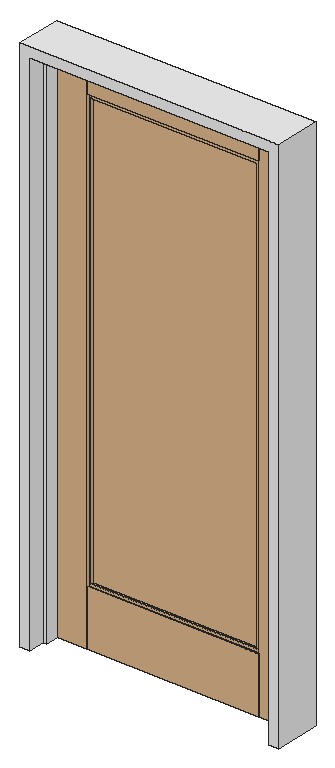
Revit family
Parameters (values of type "1 3/4" Flat Panel")
  URL = "http://www.karonadoor.com"
  Thickness Note = "Do not edit thickness."  # constant formula
  Thickness = 1.774"
  Swing Angle 2D = 90.00°
  SmartBIM Object Version = 1  # constant formula
  SmartBIM Object Created By = "Reed Construction Data"  # constant formula
  Rough Width = 0.000"
  Rough Height = 1.750"
  Panel = Panel_K6000_Karona : 1 3/4" - Flat Panel
  Model = "K6000 Mission"  # constant formula
  Manufacturer = "Karona , Inc."  # constant formula
  Detail Door Thickness = 1.750"
  Assembly Code = ""
  Top Rail Height = 5.000"
  Top Rail = Wood, Cherry - Grain Horizontal
  Stile Width = 5.063"
  Stile = Wood, Cherry - Grain Vertical
  Sticking = Wood, Cherry - Grain Vertical
  Middle Rail = Wood, Cherry - Grain Horizontal
  Height = 80.000"
  Wall Closure = (empty or 0)
  Width = 36.000"
  Frame = Metal
  Bottom Rail Height = 8.500"
  Bottom Rail = Wood, Cherry - Grain Horizontal
  95 CSI = "08210"  # constant formula
  04 CSI = "08 14 33"  # constant formula
Types (9): name | Thickness | Rough Height | Panel | Detail Door Thickness
  1 3/4" Flat Panel | 1.774" | 1.750" | Panel_K6000_Karona : 1 3/4" - Flat Panel | 1.750"
  1 3/8" Flat Panel | 1.334" | 0.000" | Panel_K6000_Karona : 1 3/8" - Flat Panel | 1.375"
  2 1/4" Flat Panel | 2.250" | 0.000" | Panel_K6000_Karona : 2 1/4" - Flat Panel | 2.250"
  1 3/4" Glass Panel | 1.774" | 1.750" | Panel_K6000_Karona : 1 3/4" - Glass Panel | 1.750"
  1 3/8" Glass Panel | 1.334" | 0.000" | Panel_K6000_Karona : 1 3/8" - Glass Panel | 1.375"
  2 1/4" Glass Panel | 2.250" | 0.000" | Panel_K6000_Karona : 2 1/4" - Glass | 2.250"
  1 3/4" Raised Panel | 1.774" | 1.750" | Panel_K6000_Karona : 1 3/4" - Raised Panel | 1.750"
  1 3/8" Raised Panel | 1.334" | 0.000" | Panel_K6000_Karona : 1 3/8" - Raised Panel | 1.375"
  2 1/4" Raised Panel | 2.250" | 0.000" | Panel_K6000_Karona : 2 1/4" - Raised Panel | 2.250"
Reference planes (in)
  plane 1 "Center (Front/Back)": y = 0
  plane 2 "Center (Left/Right)": x = 0
  plane 3 "Left": x = -18
  plane 4 "Right": x = 18
  plane 5 "Top": z = 80
  plane 6 "Exterior Edge of Frame": y = 3.5
  plane 7 "Interior Edge of Frame": y = -3.5
  plane 8: y = 1
  plane 9: y = -1
  plane 10 "Opening Left": x = -19.5
  plane 11 "Opening Right": x = 19.5
  plane 12 "Top of Opening": z = 81.5
  plane 13: x = -17.5
Forms (in)
  Sweep 1, solid, material "Metal" <- "Frame"
    path origin (0, 0, 0) x (1, 0, 0) y (0, 0, 1)
      loop
        line (-19.5, 0) -> (-19.5, 81.5) -> (19.5, 81.5) -> (19.5, 0)
    profile origin (-19.5, 0, 40.75) x (-1, 0, 0) y (0, -1, 0)
      loop
        line (0, -3.5) -> (0, 3.5) -> (-1.5, 3.5) -> (-1.5, 1) -> (-2, 1) -> (-2, -1) -> (-1.5, -1) -> (-1.5, -3.5) -> (0, -3.5)
Lines and regions (in)
  Opening 1
    outline origin (-90, -3, 0) x (1, 0, 0) y (0, 0, 1)
      loop
        line (70.5, 0) -> (109.5, 0) -> (109.5, 81.5) -> (70.5, 81.5) -> (70.5, 0)
  symbolic lines, style "Elevation Swing"
    curve 1: line (18, 3, 0) -> (-18, 3, 40)
    curve 2: line (-18, 3, 40) -> (18, 3, 80)
Text (in)
  text "Exterior" at (-46.13199, 20.20143, 0), in view "Ref. Level"
  text "Interior" at (-46.13199, -10.56751, 0), in view "Ref. Level"
  text "Exterior" at (0, 40.15149, 123.01588), in view "Right"
  text "Interior" at (0, -64.39139, 123.01588), in view "Right"
  text "Interior" at (0, -31.01599, 123.00693), in view "Left"
  text "Exterior" at (0, 54.57065, 123.00693), in view "Left"
Dimensions and locks (in)
  "Height": level to plane 5 "Top"
  "Width": plane 3 "Left" to plane 4 "Right"
  equal spacing: host wall, curve 2, plane 5 "Top"
  locked: host wall to plane 7 "Interior Edge of Frame" at 0.5
  locked: plane 6 "Exterior Edge of Frame" to host wall at 0.5
  locked: plane 9 to plane 7 "Interior Edge of Frame" at 2.5
  locked: plane 6 "Exterior Edge of Frame" to plane 8 at 2.5
  equal spacing: plane 3 "Left", plane 2 "Center (Left/Right)", plane 4 "Right"
  locked: plane 4 "Right" to plane 11 "Opening Right" at 1.5
  locked: plane 5 "Top" to plane 12 "Top of Opening" at 1.5
  locked: plane 3 "Left" to plane 13 at 0.5
  locked: plane 10 "Opening Left" to plane 3 "Left" at 1.5
  aligned and locked: Opening 1 sketch curve to level
  aligned and locked: plane 4 "Right" to curve 1
  aligned and locked: plane 3 "Left" to curve 1
  aligned and locked: plane 5 "Top" to curve 2
  aligned and locked: Opening 1 sketch curve to plane 11 "Opening Right"
  aligned and locked: plane 12 "Top of Opening" to Opening 1 sketch curve
  aligned and locked: Opening 1 sketch curve to plane 10 "Opening Left"
  aligned and locked: plane 10 "Opening Left" to Sweep 1 sketch curve
  aligned and locked: plane 12 "Top of Opening" to Sweep 1 sketch curve
  aligned and locked: plane 11 "Opening Right" to Sweep 1 sketch curve
  aligned and locked: level to Sweep 1 sketch curve  (x2)
  aligned and locked: Sweep 1 sketch curve to plane 10 "Opening Left"
  aligned and locked: Sweep 1 sketch curve to plane 6 "Exterior Edge of Frame"
  aligned and locked: Sweep 1 sketch curve to plane 7 "Interior Edge of Frame"
  aligned and locked: Sweep 1 sketch curve to plane 8
  aligned and locked: Sweep 1 sketch curve to plane 9
  aligned and locked: plane 13 to Sweep 1 sketch curve
  aligned and locked: plane 3 "Left" to Sweep 1 sketch curve  (x2)
  aligned and locked: nested 1 to plane 2 "Center (Left/Right)"
  aligned and locked: nested 1 to plane 8
  aligned and locked: nested 2 to plane 3 "Left"
  aligned and locked: nested 2 to plane 8
Automatic sketch dimensions
  curve 1 to level = 0.000"
  curve 2 to plane 4 "Right" = 0.000"
Nested families (in)
  nested 1: "Panel_K6000_Karona" at (-13.5, 0.6575, 0) x (-1, 0, 0) z (0, 0, 1), type <- "Panel", type "1 3/4" - Flat Panel"
  nested 2: "Door Panel Plan View" at (-31.5, 1, 0) x (-1, 0, 0) z (0, 0, 1), type "Door Panel Plan View"
    with Thickness 1.750", Height 80.000"
Definition of nested family "Panel_K6000_Karona"
  Parameters (values of type "1 3/4" - Glass Panel")
    Width = 36.000"
    Top Rail Material = Wood, Cherry - Grain Horizontal
    Top Rail Height = 5.000"
    Thickness Note = "Do not change door thickness"  # constant formula
    Thickness = 1.774"
    Stile Width = 5.063"
    Stile Material = Wood, Cherry - Grain Vertical
    Sticking Material = Wood, Cherry - Grain Vertical
    Panel Width = Width - (2 * Stile Width)  # 25.874"
    Panel Height = Height - (Bottom Rail Height + Top Rail Height)  # 66.500"
    Panel = Glass-Sticking-Assembly-Mission_Karona : Glass Panel
    Interior Panel = Glass
    Height = 80.000"
    Exterior Edge - Glass Bottom Offset = if(Thickness = 1.774", 0.567", if(Thickness = 2.250", 0.803", 0.469"))  # 0.567"
    Door Panel Material = Wood, Cherry - Grain Vertical
    Default Elevation = 0.000"  # constant formula
    Bottom Rail Material = Wood, Cherry - Grain Horizontal
    Bottom Rail Height = 8.500"
    Assembly Code = ""
  Types (9): name | Thickness | Panel | Interior Panel | Exterior Edge - Glass Bottom Offset
    2 1/4" - Flat Panel | 2.250" | Glass-Sticking-Assembly-Mission_Karona : Flat Panel | Wood, Cherry - Grain Vertical | 0.803"
    2 1/4" - Glass | 2.250" | Glass-Sticking-Assembly-Mission_Karona : Glass Panel | Glass | 0.803"
    2 1/4" - Raised Panel | 2.250" | Glass-Sticking-Assembly-Mission_Karona : Raised Panel | Wood, Cherry - Grain Vertical | 0.803"
    1 3/4" - Raised Panel | 1.774" | Glass-Sticking-Assembly-Mission_Karona : Raised Panel | Wood, Cherry - Grain Vertical | 0.567"
    1 3/4" - Flat Panel | 1.774" | Glass-Sticking-Assembly-Mission_Karona : Flat Panel | Wood, Cherry - Grain Vertical | 0.567"
    1 3/4" - Glass Panel | 1.774" | Glass-Sticking-Assembly-Mission_Karona : Glass Panel | Glass | 0.567"
    1 3/8" - Raised Panel | 1.334" | Glass-Sticking-Assembly-Mission_Karona : Raised Panel | Wood, Cherry - Grain Vertical | 0.469"
    1 3/8" - Glass Panel | 1.334" | Glass-Sticking-Assembly-Mission_Karona : Glass Panel | Glass | 0.469"
    1 3/8" - Flat Panel | 1.334" | Glass-Sticking-Assembly-Mission_Karona : Flat Panel | Wood, Cherry - Grain Horizontal | 0.469"
  Reference planes (in)
    plane 1 "Center (Front/Back)": y = 1.2295
    plane 2: z = 0
    plane 3 "Center (Left/Right)": x = -13.5
    plane 4 "Left": x = -31.5
    plane 5: x = 4.5
    plane 6 "Inner Left": x = -26.437
    plane 7: x = -15.40625
    plane 8 "Inner Right": x = -0.563
    plane 9: x = -11.59375
    plane 10: z = 8.5
    plane 11 "Bottom Of Top Rail": z = 75
    plane 12 "Top": z = 80
    plane 13 "Interior Edge of Door": y = 2.1165
    plane 14: z = 75
    plane 15 "Exterior Edge of Door": y = 0.3425
    plane 16 "Bottom of Glass": y = 0.9095
  Forms (in)
    Extrusion 1, solid, material "Wood, Cherry - Grain Horizontal" <- "Bottom Rail Material"
      sketch origin (0, -101.3125, 0) x (1, 0, 0) y (0, 0, 1)
        loop
          line (-26.437, 0) -> (-0.563, 0) -> (-0.563, 8.5) -> (-26.437, 8.5) -> (-26.437, 0)
      from -103.429 to -101.655
    Extrusion 2, solid, material "Wood, Cherry - Grain Vertical" <- "Stile Material"
      sketch origin (0, 1.2295, 0) x (1, 0, 0) y (0, 0, 1)
        loop
          line (-31.5, 80) -> (-31.5, 0) -> (-26.437, 0) -> (-26.437, 80) -> (-31.5, 80)
        loop
          line (-0.563, 0) -> (4.5, 0) -> (4.5, 80) -> (-0.563, 80) -> (-0.563, 0)
      from -0.887 to 0.887
    Extrusion 3, solid, material "Wood, Cherry - Grain Horizontal" <- "Top Rail Material"
      sketch origin (0, 1.2295, 0) x (1, 0, 0) y (0, 0, 1)
        loop
          line (-26.437, 80) -> (-26.437, 75) -> (-0.563, 75) -> (-0.563, 80) -> (-26.437, 80)
      from -0.887 to 0.887
  Text (in)
    text "EXTERIOR" at (-34.59289, -1.27941, 0), in view "Ref. Level"
    text "EXTERIOR" at (0, -9.65287, 72.76687), in view "Left"
    text "EXTERIOR" at (0, -33.33473, 96.68074), in view "Right"
  Dimensions and locks (in)
    equal spacing: plane 4 "Left", plane 3 "Center (Left/Right)", plane 5
    "Width": plane 4 "Left" to plane 5
    "Stile Width": plane 4 "Left" to plane 6 "Inner Left"
    "Stile Width": plane 5 to plane 8 "Inner Right"
    locked: plane 9 to plane 7 at 3.8125
    equal spacing: plane 9, plane 3 "Center (Left/Right)", plane 7
    "Bottom Rail Height": plane 10 to plane 2
    "Top Rail Height": plane 12 "Top" to plane 11 "Bottom Of Top Rail"
    "Height": plane 12 "Top" to plane 2
    equal spacing: plane 13 "Interior Edge of Door", plane 1 "Center (Front/Back)", plane 15 "Exterior Edge of Door"
    "Thickness": plane 13 "Interior Edge of Door" to plane 15 "Exterior Edge of Door"
    "Exterior Edge - Glass Bottom Offset": plane 16 "Bottom of Glass" to plane 15 "Exterior Edge of Door"
    "Exterior Edge - Glass Bottom Offset": plane 15 "Exterior Edge of Door" to plane 16 "Bottom of Glass"
    aligned and locked: Extrusion 1 to plane 2
    aligned and locked: plane 13 "Interior Edge of Door" to Extrusion 1
    aligned and locked: plane 4 "Left" to Extrusion 2 sketch curve
    aligned and locked: Extrusion 2 sketch curve to plane 12 "Top"
    aligned and locked: Extrusion 2 sketch curve to Extrusion 1  (x3)
    aligned and locked: Extrusion 1 to Extrusion 2 sketch curve
    aligned and locked: plane 12 "Top" to Extrusion 2 sketch curve
    aligned and locked: plane 5 to Extrusion 2 sketch curve
    aligned and locked: plane 13 "Interior Edge of Door" to Extrusion 2
    aligned and locked: Extrusion 2 to Extrusion 3 sketch curve
    aligned and locked: Extrusion 3 sketch curve to Extrusion 2
    aligned and locked: plane 13 "Interior Edge of Door" to Extrusion 3
    aligned and locked: plane 14 to plane 11 "Bottom Of Top Rail"
    aligned and locked: level to plane 2
    aligned and locked: Extrusion 3 to plane 15 "Exterior Edge of Door"
    aligned and locked: Extrusion 3 to plane 13 "Interior Edge of Door"
    aligned and locked: Extrusion 2 to plane 15 "Exterior Edge of Door"
    aligned and locked: Extrusion 3 to plane 14
    aligned and locked: Extrusion 1 to Extrusion 2
    aligned and locked: nested 1 to plane 6 "Inner Left"
    aligned and locked: plane 3 "Center (Left/Right)" to nested 1
    aligned and locked: nested 1 to plane 10
    aligned and locked: nested 1 to plane 1 "Center (Front/Back)"
  Automatic sketch dimensions
    Extrusion 1 sketch curve to plane 6 "Inner Left" = 0.000"
    Extrusion 1 sketch curve to plane 8 "Inner Right" = 0.000"
    Extrusion 1 sketch curve to level = 0.000"
    Extrusion 1 sketch curve to plane 10 = 0.000"
    Extrusion 3 sketch curve to plane 8 "Inner Right" = 0.000"
    plane 11 "Bottom Of Top Rail" to Extrusion 3 sketch curve = 0.000"
  Nested families (in)
    nested 1: "Glass-Sticking-Assembly-Mission_Karona" at (-13.96875, 1.38, 8.5), Width <- "Panel Width", Height <- "Panel Height", type <- "Panel", type "Glass Panel"
      with Width 25.874", Height 66.500", Door Thickness 1.774", C 0.200", B 0.567", A 0.197"
  Definition of nested family "Glass-Sticking-Assembly-Mission_Karona"
    Parameters (values of type "Raised Panel")
      Width [instance] = 4.000"
      Stop Adjustment = if(and(not(Glass Panel), Door Thickness = 1.774"), 0.513", if(and(not(Glass Panel), Door Thickness = 2.250"), 0.513", if((Glass Panel), 0.125", 0.273")))  # 0.513"
      Profile = Wood, Cherry - Grain Vertical
      Height [instance] = 23.000"
      Raised Panel = yes
      Interior Panel = Wood, Cherry - Grain Vertical
      Glass Panel = no
      Door Thickness = 2.250"
      C = if(Door Thickness = 1.774", 0.200", if(Door Thickness = 2.250", 0.439", 0.191"))  # 0.439"
      B = if(Door Thickness = 1.774", 0.567", if(Door Thickness = 2.250", 0.803", 0.469"))  # 0.803"
      Assembly Code = ""
      A = if(Door Thickness = 1.774", 0.197", if(Door Thickness = 2.250", 0.433", 0.194"))  # 0.433"
    Types (3): name | Width | Stop Adjustment | Raised Panel | Glass Panel | Door Thickness | C | B | A
      Glass Panel | 19.000" | 0.125" | no | yes | 2.250" | 0.439" | 0.803" | 0.433"
      Flat Panel | 4.500" | 0.273" | no | no | 1.334" | 0.191" | 0.469" | 0.194"
      Raised Panel | 4.000" | 0.513" | yes | no | 2.250" | 0.439" | 0.803" | 0.433"
    Reference planes (in)
      plane 1 "Stop Adjustment Edge": y = -0.3455
      plane 2: z = 0
      plane 3 "Center (Left/Right)": x = 0.46875
      plane 4 "Back": y = 0.9765
      plane 5 "Front": y = -1.2735
      plane 6 "Left": x = -1.53125
      plane 7 "Right": x = 2.46875
      plane 8 "Top": z = 23
      plane 9 "Center (Up/Down)": z = 11.5
      plane 10 "Bottom of Stop": y = 0.1675
      plane 11 "Bottom of Glass": y = -0.4705
      plane 12 "Right Edge of Glass": x = 2.41875
      plane 13 "Left Edge of Glass": x = -1.48125
      plane 14 "Top Edge of Glass": z = 22.90625
      plane 15 "Bottom Edge of Glass": z = 0.09375
      plane 16: x = 2.34375
      plane 17: x = 9.40625
      plane 18 "A": y = -0.8405
      plane 19 "C": y = 0.5375
      plane 20: z = 0.438
      plane 21: z = 22.562
      plane 22: x = -1.09325
      plane 23: x = 2.03075
      plane 24 "Center (Front/Back)": y = -0.1485
    Forms (in)
      Sweep 1, solid, material "Wood, Cherry - Grain Vertical" <- "Profile"
        path origin (0, -0.3455, 0) x (1, 0, 0) y (0, 0, 1)
          loop
            line (2.46875, 23) -> (-1.53125, 23) -> (-1.53125, 0) -> (2.46875, 0) -> (2.46875, 23)
        profile origin (2.46875, -0.3455, 11.5) x (0, -1, 0) y (1, 0, 0)
          loop
            line (-0.883, 0) -> (-0.883, -0.438) -> (-0.513, -0.438) -> (-0.513, -0.05) -> (0.125, -0.05) -> (0.125, -0.438) -> (0.495, -0.438) -> (0.495, 0) -> (-0.883, 0)
      Extrusion 2, solid, material "Wood, Cherry - Grain Vertical" <- "Interior Panel"
        sketch origin (0, 0, 0) x (1, 0, 0) y (0, 1, 0)
          loop
            line (-1.48125, 0.1675) -> (-1.48125, -0.4705) -> (2.41875, -0.4705) -> (2.41875, 0.1675) -> (-1.48125, 0.1675)
        from 0.09375 to 22.90625
      Extrusion 3, solid, material "Wood, Cherry - Grain Vertical" <- "Profile", visible <- "Raised Panel"
        sketch origin (0, 0, 0) x (1, 0, 0) y (0, 1, 0)
          loop
            line (2.03075, 0.5375) -> (-1.09325, 0.5375) -> (-1.09325, 0.1675) -> (2.03075, 0.1675) -> (2.03075, 0.5375)
          loop
            line (-1.09325, -0.4705) -> (-1.09325, -0.8405) -> (2.03075, -0.8405) -> (2.03075, -0.4705) -> (-1.09325, -0.4705)
        from 0.438 to 22.562
      Sweep 4, void
        path origin (0, 0.1675, 0) x (-1, 0, 0) y (0, 0, 1)
          loop
            line (1.53125, 0) -> (1.53125, 23) -> (-2.46875, 23) -> (-2.46875, 0) -> (1.53125, 0)
        profile "Profile : 05" origin (-1.53125, 0.1675, 11.5) x (1, 0, 0) y (0, 1, 0)
          loop
            line (0, 0.05) -> (0.36169, 0.05096)
            arc (0.36169, 0.05096) -> (1.01257, 0.13642) -> (1.61934, 0.387) r 2.52143
            line (1.61934, 0.387) -> (0, 0.387) -> (0, 0.05)
      Sweep 5, void
        path origin (0, -0.4705, 0) x (-1, 0, 0) y (0, 0, 1)
          loop
            line (-2.46875, 23) -> (-2.46875, 0) -> (1.53125, 0) -> (1.53125, 23) -> (-2.46875, 23)
        profile "Profile : 05" origin (2.46875, -0.4705, 11.5) x (-1, 0, 0) y (0, 1, 0)
          loop
            line (0, -0.05) -> (0, -0.387) -> (1.61934, -0.387)
            arc (1.61934, -0.387) -> (1.01257, -0.13642) -> (0.36169, -0.05096) r 2.52143
            line (0.36169, -0.05096) -> (0, -0.05)
    Cuts and joins
      Sweep 4, Sweep 5 cuts Extrusion 3
    Text (in)
      text "INTERIOR" at (-14.3788, 3.49864, 0), in view "Ref. Level"
    Dimensions and locks (in)
      equal spacing: plane 6 "Left", plane 3 "Center (Left/Right)", plane 7 "Right"
      "Width": plane 6 "Left" to plane 7 "Right"
      "Door Thickness": plane 4 "Back" to plane 5 "Front"
      "Height": plane 8 "Top" to plane 2
      equal spacing: plane 8 "Top", plane 9 "Center (Up/Down)", level
      locked: plane 1 "Stop Adjustment Edge" to plane 11 "Bottom of Glass" at 0.125
      "Stop Adjustment": plane 10 "Bottom of Stop" to plane 1 "Stop Adjustment Edge"
      locked: plane 12 "Right Edge of Glass" to plane 7 "Right" at 0.05
      locked: plane 8 "Top" to plane 14 "Top Edge of Glass" at 0.09375
      locked: plane 15 "Bottom Edge of Glass" to level at 0.09375
      locked: plane 6 "Left" to plane 13 "Left Edge of Glass" at 0.05
      "B": plane 5 "Front" to plane 11 "Bottom of Glass"
      locked: plane 16 to plane 7 "Right" at 0.125
      "A": plane 5 "Front" to plane 18 "A"
      "C": plane 19 "C" to plane 4 "Back"
      plane 4 "Back" to Sweep 1 = 0.809"
      locked: plane 20 to level at 0.438
      locked: plane 8 "Top" to plane 21 at 0.438
      locked: plane 6 "Left" to plane 22 at 0.438
      locked: plane 23 to plane 7 "Right" at 0.438
      equal spacing: plane 4 "Back", plane 24 "Center (Front/Back)", plane 5 "Front"
      aligned and locked: Sweep 1 sketch curve to plane 7 "Right"
      aligned and locked: Sweep 1 sketch curve to plane 8 "Top"
      aligned and locked: Sweep 1 sketch curve to plane 6 "Left"
      aligned and locked: Sweep 1 sketch curve to level
      aligned and locked: plane 7 "Right" to Sweep 1 sketch curve
      aligned and locked: plane 10 "Bottom of Stop" to Sweep 1 sketch curve
      aligned and locked: plane 11 "Bottom of Glass" to Sweep 1 sketch curve
      aligned and locked: plane 18 "A" to Sweep 1 sketch curve
      aligned and locked: Sweep 1 sketch curve to plane 19 "C"
      aligned and locked: Extrusion 2 sketch curve to plane 13 "Left Edge of Glass"
      aligned and locked: Extrusion 2 sketch curve to plane 10 "Bottom of Stop"
      aligned and locked: Extrusion 2 sketch curve to plane 11 "Bottom of Glass"
      aligned and locked: Extrusion 2 sketch curve to plane 12 "Right Edge of Glass"
      aligned and locked: plane 14 "Top Edge of Glass" to Extrusion 2
      aligned and locked: Extrusion 2 to plane 15 "Bottom Edge of Glass"
      aligned and locked: Extrusion 3 sketch curve to plane 19 "C"
      aligned and locked: Extrusion 3 sketch curve to plane 10 "Bottom of Stop"
      aligned and locked: Extrusion 3 sketch curve to plane 11 "Bottom of Glass"
      aligned and locked: Extrusion 3 sketch curve to plane 18 "A"
      aligned and locked: Extrusion 3 to plane 20
      aligned and locked: Extrusion 3 to plane 21
      aligned and locked: plane 12 "Right Edge of Glass" to Sweep 1 sketch curve
      aligned and locked: plane 23 to Extrusion 3 sketch curve  (x2)
      aligned and locked: Extrusion 3 sketch curve to plane 22  (x2)
      aligned and locked: plane 23 to Sweep 1 sketch curve  (x2)
      aligned and locked: Sweep 5 sketch curve to plane 6 "Left"
      aligned and locked: plane 8 "Top" to Sweep 5 sketch curve
      aligned and locked: Sweep 5 sketch curve to plane 7 "Right"
      aligned and locked: level to Sweep 5 sketch curve
      aligned and locked: Sweep 4 sketch curve to plane 7 "Right"
      aligned and locked: plane 8 "Top" to Sweep 4 sketch curve
      aligned and locked: Sweep 4 sketch curve to plane 6 "Left"
      aligned and locked: level to Sweep 4 sketch curve
Definition of nested family "Door Panel Plan View"
  Parameters (values of type "Door Panel Plan View")
    Width = 36.000"
    Thickness = 2.000"
    Swing Angle 2D = 90.00°
    Height = 0.000"
    Assembly Code = ""
  Reference planes (in)
    plane 1 "Center (Front/Back)": y = 0
    plane 2: z = 0
    plane 3 "Center (Left/Right)": x = -13.5
  Lines and regions (in)
    symbolic lines, style "DoorsPanelProjection"
      curve 1: line (-13.5, 0, 0) -> (-13.5, 36, 0)
      curve 2: line (-15.5, 0, 0) -> (-15.5, 36, 0)
      curve 3: line (-13.5, 0, 0) -> (-15.5, 0, 0)
      curve 4: line (-13.5, 36, 0) -> (-15.5, 36, 0)
    symbolic lines, style "Plan Swing"
      curve 5: arc (-13.5, 36, 0) -> (-38.95584, 25.45584, 0) -> (-49.5, 0, 0) r 36
  Dimensions and locks (in)
    "Width": curve 4 to curve 3
    "Thickness": curve 1 to curve 2
    "Swing Angle 2D": angle curve 1 to plane 1 "Center (Front/Back)"
    aligned and locked: plane 1 "Center (Front/Back)" to curve 5
  Automatic sketch dimensions
    curve 3 to plane 1 "Center (Front/Back)" = 0.000"
    curve 5 to plane 3 "Center (Left/Right)" = 0.000"
    curve 3 to plane 3 "Center (Left/Right)" = 0.000"
